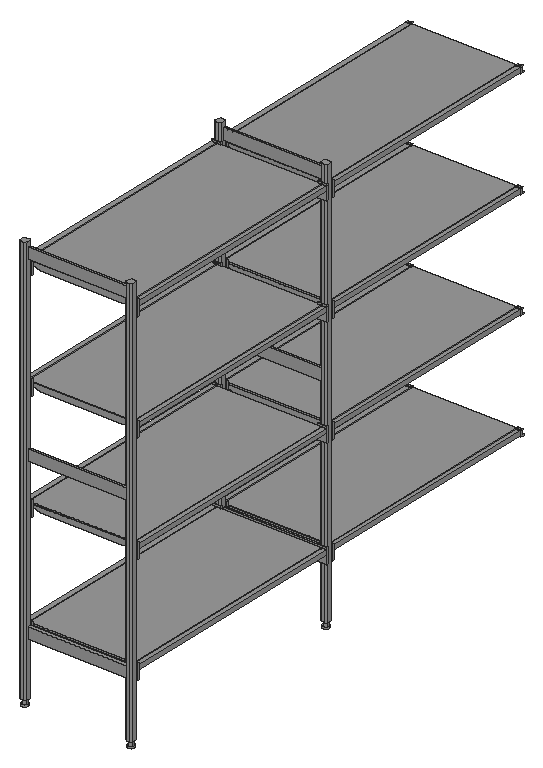
Revit family "QF_ZANUSSI_137084_CLS2016", category Attrezzature speciali, Revit 2020
Family settings
  Quota connettore circolare = Usa diametro
  Tipo di parte = Normale
  Basato su piano di lavoro = No
  Sempre verticale = Sì
  Taglio con vuoti quando caricato = No
  Condiviso = No
  Punto di calcolo locali = No
Parameters (values of type "Standard")
  Weight = 36.00 kg
  Watts = 0 W
  Volts = 0 V
  URL Manufacturer = "http://www.zanussiprofessional.com"
  URL = "http://www.zanussiprofessional.com"
  Steam Supply Size = 0 mm
  Steam Supply Minimum Pressure = 0.0 Pa
  Steam Supply Maximum Pressure = 0.0 Pa
  Steam Consumption per Hour = 0
  Refrigeration Suction Line Size = 0.0 mm
  Refrigeration Liquid Line Size = 0.0 mm
  Refrigerant Compressor Remote = yes
  Prospetto di default = 0.0 mm
  Phase = 0
  Modello = "CLS2016"
  Produttore = "Zanussi"
  Length Actual = 2020.0 mm  # constant formula
  Item Number = "137084"
  Hot Water Size = 0 mm
  Height Actual = 1700.0 mm  # constant formula
  HP = "0 HP"
  Gas Size = 0 mm
  Gas KW = 0
  Gas Input Pressure = 0 W
  Direct Waste Size = 0 mm
  Descrizione = "ALUM.CORNER SHELV.-POLY.TIERS-475X2020MM"
  Depth Actual = 475.0 mm  # constant formula
  Cycle = 0 Hz
  Condensate Return Size = 0 mm
  Compressed Air Volume = 0.0 L/s
  Compressed Air Size = 0 mm
  Compressed Air Pressure = 0.0 Pa
  Cold Water Size = 0 mm
  Accessory = yes
Reference planes
  plane 1: z = 0
  plane 2 "CenterLeft": y = -535.5
  plane 3 "FRONT": y = -921.5
  plane 4 "LEFT": x = 192.5
  plane 5 "RIGHT": x = 667.5
  plane 6 "TOP": z = 1700
  plane 7: y = -889.5
  plane 8: y = 84.5
  plane 9 "Center (Left/Back)": x = 430
  plane 10: x = 256
  plane 11: x = 668
  plane 12 "FEET": z = 25
  plane 13: z = 275
  plane 14: z = 725
  plane 15: z = 1175
  plane 16: z = 1625
  plane 17 "CXLeft": y = -907.5
  plane 18 "Center (Front/Back)": y = 102.5
  plane 19 "CYFront": x = 510
  plane 20: y = 1094.5
  plane 21: y = 120.5
  plane 22 "BACK": y = 1098.5
  plane 23 "LEFT_ORIGIN": x = 158.5
  plane 24 "BACK_ORIGIN": y = 1573.5
Forms (mm)
  Extrusion 1, solid, material "QF_Aluminum"
    sketch origin (38.022, -921.5, -4.006) x (-1, 0, 0) y (0, 0, 1)
      loop
        line (-189.5, 1637.003) -> (-173.5, 1637.003) -> (-173.5, 1655) -> (-175.493, 1655) -> (-175.493, 1648.501) -> (-608.5, 1648.501) -> (-608.5, 1655) -> (-610.5, 1655) -> (-610.5, 1637.003) -> (-594.5, 1637.003) -> (-560.5, 1625) -> (-223.5, 1625) -> (-189.5, 1637.003)
      loop
        line (-189.5, 1187.003) -> (-173.5, 1187.003) -> (-173.5, 1205) -> (-175.493, 1205) -> (-175.493, 1198.501) -> (-608.5, 1198.501) -> (-608.5, 1205) -> (-610.5, 1205) -> (-610.5, 1187.003) -> (-594.5, 1187.003) -> (-560.5, 1175) -> (-223.5, 1175) -> (-189.5, 1187.003)
      loop
        line (-189.5, 737.003) -> (-173.5, 737.003) -> (-173.5, 755) -> (-175.493, 755) -> (-175.493, 748.501) -> (-608.5, 748.501) -> (-608.5, 755) -> (-610.5, 755) -> (-610.5, 737.003) -> (-594.5, 737.003) -> (-560.5, 725) -> (-223.5, 725) -> (-189.5, 737.003)
      loop
        line (-189.5, 287.003) -> (-173.5, 287.003) -> (-173.5, 305) -> (-175.493, 305) -> (-175.493, 298.501) -> (-608.5, 298.501) -> (-608.5, 305) -> (-610.5, 305) -> (-610.5, 287.003) -> (-594.5, 287.003) -> (-560.5, 275) -> (-223.5, 275) -> (-189.5, 287.003)
    from 37 to 32
  Extrusion 2, solid, material "QF_Aluminum"
    sketch origin (38.022, -921.5, 0) x (-1, 0, 0) y (0, 0, 1)
      loop
        line (-154.478, 246.005) -> (-154.478, 307.993) -> (-190.471, 307.993) -> (-190.471, 246.005) -> (-154.478, 246.005)
      loop
        line (-593.484, 246.005) -> (-593.484, 307.993) -> (-629.478, 307.993) -> (-629.478, 246.005) -> (-593.484, 246.005)
      loop
        line (-154.478, 696.005) -> (-154.478, 757.993) -> (-190.471, 757.993) -> (-190.471, 696.005) -> (-154.478, 696.005)
      loop
        line (-593.484, 696.005) -> (-593.484, 757.993) -> (-629.478, 757.993) -> (-629.478, 696.005) -> (-593.484, 696.005)
      loop
        line (-154.478, 1146.005) -> (-154.478, 1207.993) -> (-190.471, 1207.993) -> (-190.471, 1146.005) -> (-154.478, 1146.005)
      loop
        line (-593.484, 1146.005) -> (-593.484, 1207.993) -> (-629.478, 1207.993) -> (-629.478, 1146.005) -> (-593.484, 1146.005)
      loop
        line (-154.478, 1596.005) -> (-154.478, 1657.993) -> (-190.471, 1657.993) -> (-190.471, 1596.005) -> (-154.478, 1596.005)
      loop
        line (-593.484, 1596.005) -> (-593.484, 1657.993) -> (-629.478, 1657.993) -> (-629.478, 1596.005) -> (-593.484, 1596.005)
    from 28 to 32
  Extrusion 3, solid, material "QF_Aluminum"
    sketch origin (38.022, -921.5, 0) x (-1, 0, 0) y (0, 0, 1)
      loop
        line (-154.5, 1650.994) -> (-173.5, 1650.994) -> (-173.5, 1632.998) -> (-154.5, 1632.998) -> (-154.5, 1650.994)
      loop
        line (-154.5, 1200.994) -> (-173.5, 1200.994) -> (-173.5, 1182.998) -> (-154.5, 1182.998) -> (-154.5, 1200.994)
      loop
        line (-154.5, 750.994) -> (-173.5, 750.994) -> (-173.5, 732.998) -> (-154.5, 732.998) -> (-154.5, 750.994)
      loop
        line (-154.5, 300.994) -> (-173.5, 300.994) -> (-173.5, 282.998) -> (-154.5, 282.998) -> (-154.5, 300.994)
      loop
        line (-629.455, 1650.994) -> (-629.455, 1632.998) -> (-610.455, 1632.998) -> (-610.455, 1650.994) -> (-629.455, 1650.994)
      loop
        line (-629.455, 1200.994) -> (-629.455, 1182.998) -> (-610.455, 1182.998) -> (-610.455, 1200.994) -> (-629.455, 1200.994)
      loop
        line (-629.455, 750.994) -> (-629.455, 732.998) -> (-610.455, 732.998) -> (-610.455, 750.994) -> (-629.455, 750.994)
      loop
        line (-629.455, 300.994) -> (-629.455, 282.998) -> (-610.455, 282.998) -> (-610.455, 300.994) -> (-629.455, 300.994)
    from 32 to 1006
  Extrusion 4, solid, material "QF_Polyethylene"
    sketch origin (38.022, -921.5, 0) x (-1, 0, 0) y (0, 0, 1)
      loop
        line (-175.493, 1650.994) -> (-608.5, 1650.994) -> (-608.5, 1644.496) -> (-175.493, 1644.496) -> (-175.493, 1650.994)
      loop
        line (-175.493, 1200.994) -> (-608.5, 1200.994) -> (-608.5, 1194.496) -> (-175.493, 1194.496) -> (-175.493, 1200.994)
      loop
        line (-175.493, 750.994) -> (-608.5, 750.994) -> (-608.5, 744.496) -> (-175.493, 744.496) -> (-175.493, 750.994)
      loop
        line (-175.493, 300.994) -> (-608.5, 300.994) -> (-608.5, 294.496) -> (-175.493, 294.496) -> (-175.493, 300.994)
    from 32 to 1006
  Extrusion 5, solid, material "QF_Aluminum"
    sketch origin (38.022, 684.5, 0) x (-1, 0, 0) y (0, 0, 1)
      loop
        line (-154.5, 1650.994) -> (-173.5, 1650.994) -> (-173.5, 1632.998) -> (-154.5, 1632.998) -> (-154.5, 1650.994)
      loop
        line (-610.455, 1650.994) -> (-629.455, 1650.994) -> (-629.455, 1632.998) -> (-610.455, 1632.998) -> (-610.455, 1650.994)
      loop
        line (-154.5, 1200.994) -> (-173.5, 1200.994) -> (-173.5, 1182.998) -> (-154.5, 1182.998) -> (-154.5, 1200.994)
      loop
        line (-610.455, 1200.994) -> (-629.455, 1200.994) -> (-629.455, 1182.998) -> (-610.455, 1182.998) -> (-610.455, 1200.994)
      loop
        line (-154.5, 750.994) -> (-173.5, 750.994) -> (-173.5, 732.998) -> (-154.5, 732.998) -> (-154.5, 750.994)
      loop
        line (-610.455, 750.994) -> (-629.455, 750.994) -> (-629.455, 732.998) -> (-610.455, 732.998) -> (-610.455, 750.994)
      loop
        line (-154.5, 300.994) -> (-173.5, 300.994) -> (-173.5, 282.998) -> (-154.5, 282.998) -> (-154.5, 300.994)
      loop
        line (-610.455, 300.994) -> (-629.455, 300.994) -> (-629.455, 282.998) -> (-610.455, 282.998) -> (-610.455, 300.994)
    from 410 to -564
  Extrusion 6, solid, material "QF_Polyethylene"
    sketch origin (38.022, 684.5, 0) x (-1, 0, 0) y (0, 0, 1)
      loop
        line (-175.493, 1650.994) -> (-608.5, 1650.994) -> (-608.5, 1644.496) -> (-175.493, 1644.496) -> (-175.493, 1650.994)
      loop
        line (-175.493, 1200.994) -> (-608.5, 1200.994) -> (-608.5, 1194.496) -> (-175.493, 1194.496) -> (-175.493, 1200.994)
      loop
        line (-175.493, 750.994) -> (-608.5, 750.994) -> (-608.5, 744.496) -> (-175.493, 744.496) -> (-175.493, 750.994)
      loop
        line (-175.493, 300.994) -> (-608.5, 300.994) -> (-608.5, 294.496) -> (-175.493, 294.496) -> (-175.493, 300.994)
    from 410 to -564
Lines and regions (mm)
  symbolic lines
    curve 1: line (256, -912.5, 1700) -> (668, -912.5, 1700)
    curve 2: line (668, -902.5, 1700) -> (256, -902.5, 1700)
    curve 3: line (192.5, -893.5, 1700) -> (192.5, 88.5, 1700)
    curve 4: line (667.5, -889.5, 1700) -> (667.5, 84.5, 1700)
    curve 5: line (192.5, 116.5, 1700) -> (192.5, 1098.5, 1700)
    curve 6: line (667.5, 116.5, 1700) -> (667.5, 1098.5, 1700)
    curve 7: line (648.478, 84.5, 1700) -> (648.478, -889.5, 1700)
    curve 8: line (211.522, -889.5, 1700) -> (211.522, 84.5, 1700)
    curve 9: line (211.522, 120.5, 1700) -> (211.522, 1094.5, 1700)
    curve 10: line (648.478, 1094.5, 1700) -> (648.478, 120.5, 1700)
Dimensions and locks
  plane 3 "FRONT" to plane 2 "CenterLeft" = 386.0 mm
  locked: plane 6 "TOP" to level at 1700
  locked: plane 7 to plane 8 at 974
  locked: plane 10 to plane 11 at 412
  plane 10 to plane 9 "Center (Left/Back)" to plane 11 = 174.0 mm, 238.0 mm
  equal spacing: plane 4 "LEFT", plane 9 "Center (Left/Back)", plane 5 "RIGHT"
  plane 12 "FEET" to level = 25.0 mm
  plane 6 "TOP" to plane 12 "FEET" = 1675.0 mm
  plane 13 to plane 12 "FEET" = 250.0 mm
  plane 14 to plane 13 = 450.0 mm
  plane 15 to plane 14 = 450.0 mm
  plane 16 to plane 15 = 450.0 mm
  locked: plane 21 to plane 20 at 974
  locked: plane 8 to plane 18 "Center (Front/Back)" at 18
  locked: plane 18 "Center (Front/Back)" to plane 21 at 18
  locked: plane 3 "FRONT" to plane 7 at 32
  locked: plane 4 "LEFT" to plane 5 "RIGHT" at 475
  locked: plane 23 "LEFT_ORIGIN" to plane 5 "RIGHT" at 509
  locked: plane 22 "BACK" to plane 24 "BACK_ORIGIN" at 475
  locked: plane 22 "BACK" to plane 3 "FRONT" at 2020
  aligned and locked: level to plane 1
  aligned and locked: Extrusion 1 to plane 7
  aligned and locked: plane 7 to Extrusion 2
  aligned and locked: Extrusion 4 to plane 7
  aligned and locked: plane 8 to Extrusion 4
  aligned and locked: Extrusion 3 to plane 7
  aligned and locked: plane 8 to Extrusion 3
  aligned and locked: Extrusion 1 sketch curve to Extrusion 1 sketch curve  (x3)
  aligned and locked: Extrusion 5 sketch curve to Extrusion 5 sketch curve  (x2)
  aligned and locked: Extrusion 5 to plane 21  (x5)
  aligned and locked: Extrusion 6 to plane 21  (x5)
  aligned and locked: nested 2 to plane 18 "Center (Front/Back)"
  aligned and locked: plane 17 "CXLeft" to nested 1
  aligned and locked: plane 7 to Extrusion 3  (x3)
  aligned and locked: Extrusion 3 to plane 8  (x4)
  aligned and locked: Extrusion 4 to plane 8  (x4)
  aligned and locked: plane 20 to Extrusion 5
  aligned and locked: plane 20 to Extrusion 6
  aligned and locked: Extrusion 5 to plane 20  (x3)
  aligned and locked: Extrusion 6 to plane 20  (x3)
  aligned and locked: plane 9 "Center (Left/Back)" to nested 2
  aligned and locked: nested 3 to plane 22 "BACK"
Automatic sketch dimensions
  Extrusion 1 sketch curve to plane 19 "CYFront" = 138.522 mm  (x4)
  plane 11 to Extrusion 1 sketch curve = 35.478 mm  (x4)
  Extrusion 1 sketch curve to plane 13 = 4.006 mm
  Extrusion 1 sketch curve to Extrusion 1 sketch curve = 34.0 mm  (x4)
  Extrusion 1 sketch curve to plane 14 = 4.006 mm
  Extrusion 1 sketch curve to plane 15 = 4.006 mm
  Extrusion 1 sketch curve to plane 16 = 4.006 mm
  Extrusion 1 sketch curve to plane 10 = 5.522 mm  (x4)
  plane 10 to Extrusion 1 sketch curve = 28.478 mm  (x4)
  plane 13 to Extrusion 1 sketch curve = 7.998 mm  (x2)
  Extrusion 1 sketch curve to Extrusion 1 sketch curve = 11.498 mm  (x4)
  Extrusion 1 sketch curve to Extrusion 1 sketch curve = 6.499 mm  (x8)
  plane 14 to Extrusion 1 sketch curve = 7.998 mm  (x2)
  plane 15 to Extrusion 1 sketch curve = 7.998 mm  (x2)
  plane 16 to Extrusion 1 sketch curve = 7.998 mm  (x2)
  plane 5 "RIGHT" to Extrusion 2 sketch curve = 35.993 mm  (x4)
  Extrusion 2 sketch curve to plane 4 "LEFT" = 0.0 mm  (x4)
  plane 11 to Extrusion 2 sketch curve = 0.5 mm  (x4)
  plane 10 to Extrusion 2 sketch curve = 27.507 mm  (x4)
  Extrusion 2 sketch curve to plane 13 = 28.995 mm  (x2)
  plane 13 to Extrusion 2 sketch curve = 32.993 mm  (x2)
  Extrusion 2 sketch curve to plane 14 = 28.995 mm  (x2)
  plane 14 to Extrusion 2 sketch curve = 32.993 mm  (x2)
  Extrusion 2 sketch curve to plane 15 = 28.995 mm  (x2)
  plane 15 to Extrusion 2 sketch curve = 32.993 mm  (x2)
  Extrusion 2 sketch curve to plane 16 = 28.995 mm  (x2)
  plane 16 to Extrusion 2 sketch curve = 32.993 mm  (x2)
  plane 13 to Extrusion 4 sketch curve = 19.496 mm
  Extrusion 4 sketch curve to Extrusion 4 sketch curve = 6.499 mm  (x4)
  plane 14 to Extrusion 4 sketch curve = 19.496 mm
  plane 15 to Extrusion 4 sketch curve = 19.496 mm
  plane 16 to Extrusion 4 sketch curve = 19.496 mm
  plane 5 "RIGHT" to Extrusion 5 sketch curve = 0.022 mm  (x4)
  Extrusion 5 sketch curve to plane 4 "LEFT" = 19.022 mm  (x4)
  Extrusion 5 sketch curve to plane 19 "CYFront" = 138.478 mm  (x2)
  plane 13 to Extrusion 5 sketch curve = 7.998 mm  (x2)
  Extrusion 5 sketch curve to Extrusion 5 sketch curve = 17.997 mm  (x8)
  plane 14 to Extrusion 5 sketch curve = 7.998 mm  (x2)
  plane 15 to Extrusion 5 sketch curve = 7.998 mm  (x2)
  plane 16 to Extrusion 5 sketch curve = 7.998 mm  (x2)
  Extrusion 6 sketch curve to plane 19 "CYFront" = 136.522 mm  (x4)
  plane 13 to Extrusion 6 sketch curve = 19.496 mm
  Extrusion 6 sketch curve to Extrusion 6 sketch curve = 6.499 mm  (x4)
  plane 14 to Extrusion 6 sketch curve = 19.496 mm
  plane 15 to Extrusion 6 sketch curve = 19.496 mm
  plane 16 to Extrusion 6 sketch curve = 19.496 mm
  plane 5 "RIGHT" to Extrusion 3 sketch curve = 0.022 mm  (x4)
  Extrusion 3 sketch curve to Extrusion 3 sketch curve = 19.0 mm  (x4)
  plane 14 to Extrusion 3 sketch curve = 7.998 mm  (x2)
  plane 10 to Extrusion 3 sketch curve = 44.478 mm  (x4)
  Extrusion 3 sketch curve to plane 4 "LEFT" = 0.022 mm  (x4)
  plane 13 to Extrusion 3 sketch curve = 25.994 mm  (x2)
  plane 13 to Extrusion 3 sketch curve = 7.998 mm  (x2)
  Extrusion 3 sketch curve to Extrusion 3 sketch curve = 17.997 mm  (x6)
  plane 15 to Extrusion 3 sketch curve = 7.998 mm  (x2)
  plane 16 to Extrusion 3 sketch curve = 7.998 mm  (x2)
  plane 10 to Extrusion 1 sketch curve = 42.484 mm  (x4)
  plane 10 to Extrusion 1 sketch curve = 44.478 mm  (x2)
  Extrusion 1 sketch curve to Extrusion 1 sketch curve = 1.993 mm  (x2)
  plane 10 to Extrusion 4 sketch curve = 42.484 mm  (x4)
  Extrusion 5 sketch curve to plane 4 "LEFT" = 0.022 mm  (x4)
  plane 10 to Extrusion 6 sketch curve = 42.484 mm  (x4)
  Extrusion 1 sketch curve to Extrusion 1 sketch curve = 2.0 mm
  plane 5 "RIGHT" to Extrusion 4 sketch curve = 20.978 mm  (x4)
  curve 1 to plane 11 = 0.0 mm
  curve 1 to plane 10 = 0.0 mm
  curve 2 to plane 10 = 0.0 mm
  curve 2 to plane 11 = 0.0 mm
  curve 3 to plane 4 "LEFT" = 0.0 mm
  curve 4 to plane 5 "RIGHT" = 0.0 mm
  plane 7 to curve 4 = 0.0 mm
  plane 7 to curve 8 = 0.0 mm
  plane 8 to curve 8 = 0.0 mm
  plane 8 to curve 7 = 0.0 mm
  plane 8 to curve 4 = 0.0 mm
  curve 5 to plane 4 "LEFT" = 0.0 mm
  curve 6 to plane 5 "RIGHT" = 0.0 mm
  plane 20 to curve 9 = 0.0 mm
  plane 22 "BACK" to curve 5 = 0.0 mm
  plane 22 "BACK" to curve 6 = 0.0 mm
  plane 7 to curve 3 = 4.0 mm
  plane 17 "CXLeft" to curve 2 = 5.0 mm
  curve 1 to plane 17 "CXLeft" = 5.0 mm
  curve 3 to plane 8 = 4.0 mm
  curve 6 to plane 21 = 4.0 mm
  curve 9 to plane 4 "LEFT" = 19.022 mm
  curve 8 to plane 4 "LEFT" = 19.022 mm
  curve 9 to plane 21 = 0.0 mm
  plane 21 to curve 10 = 0.0 mm
  curve 5 to plane 21 = 4.0 mm
  plane 7 to curve 7 = 0.0 mm
  curve 4 to curve 7 = 19.022 mm
  plane 20 to curve 10 = 0.0 mm
  plane 5 "RIGHT" to curve 10 = 19.022 mm
Nested families
  nested 1: "WT_Anta475" at (215.5, -504.5, 0) x (0, 1, 0) z (0, 0, 1), type "WT_Anta475"
  nested 2: "WT_Anta475Center" at (215.5, 505.5, 0) x (0, 1, 0) z (0, 0, 1), type "WT_Anta475Center"
  nested 3: "WT_Aggancio475" at (215.5, 1506.5, 0) x (0, 1, 0) z (0, 0, 1), type "WT_Aggancio475"
Definition of nested family "WT_Anta475"
  Parameters
    WidthLeft = A + 64.0 mm  # 772.0 mm
    Width = 1606.0 mm
    Right = WidthLeft / 2  # 386.0 mm
    Default Elevation = 0.0 mm
    Left = -WidthLeft / 2  # -386.0 mm
    Height = 1725.0 mm
    FEET = 25.0 mm
    E = 0.0 mm
    Dint = Depth - 63.0 mm  # 412.0 mm
    Dext = Depth - 8.0 mm  # 467.0 mm
    Depth = 475.0 mm
    DX = (WidthLeft - A) / 2  # 32.0 mm
    B = 798.0 mm
    A = 708.0 mm
  Reference planes
    plane 1: z = 0
    plane 2 "LEFT": x = -417
    plane 3 "BACK": y = 23
    plane 4 "FRONT": y = -452
    plane 5 "TOP": z = 1725
    plane 6 "Center (Front/Back)": y = -214.5
    plane 7: y = -8.5
    plane 8: y = -420.5
    plane 9 "FEET": z = 25
    plane 10: z = 275
    plane 11: z = 725
    plane 12: z = 1175
    plane 13: z = 1625
    plane 14 "CXLeft": x = -403
    plane 15: y = 5.5
    plane 16 "CYBack": y = 5.5
    plane 17 "CYFront": y = -434.5
    plane 18: x = -385.031
    plane 19: x = -380.031
  Forms (mm)
    Extrusion 1, solid
      sketch origin (0, 0, 0) x (1, 0, 0) y (0, 1, 0)
        loop
          line (-417, 13.246) -> (-417, -2.246) -> (-410.746, -8.5) -> (-395.254, -8.5) -> (-389, -2.246) -> (-389, 13.246) -> (-395.254, 19.5) -> (-410.746, 19.5) -> (-417, 13.246)
      from 1725 to 25
    Extrusion 2, solid
      sketch origin (-417, 0, 0) x (0, 1, 0) y (0, 0, 1)
        loop
          line (23, 246.005) -> (23, 307.993) -> (-12.993, 307.993) -> (-12.993, 246.005) -> (23, 246.005)
        loop
          line (-452, 246.005) -> (-416.007, 246.005) -> (-416.007, 307.993) -> (-452, 307.993) -> (-452, 246.005)
        loop
          line (23, 696.005) -> (23, 757.993) -> (-12.993, 757.993) -> (-12.993, 696.005) -> (23, 696.005)
        loop
          line (-452, 696.005) -> (-416.007, 696.005) -> (-416.007, 757.993) -> (-452, 757.993) -> (-452, 696.005)
        loop
          line (23, 1146.005) -> (23, 1207.993) -> (-12.993, 1207.993) -> (-12.993, 1146.005) -> (23, 1146.005)
        loop
          line (-452, 1146.005) -> (-416.007, 1146.005) -> (-416.007, 1207.993) -> (-452, 1207.993) -> (-452, 1146.005)
        loop
          line (23, 1596.005) -> (23, 1657.993) -> (-12.993, 1657.993) -> (-12.993, 1596.005) -> (23, 1596.005)
        loop
          line (-452, 1596.005) -> (-416.007, 1596.005) -> (-416.007, 1657.993) -> (-452, 1657.993) -> (-452, 1596.005)
      from 28 to 32
    Revolve 3, solid
      sketch origin (-403, 0, 0) x (0, 1, 0) y (0, 0, 1)
        loop
          line (5.5, 25) -> (5.5, 0) -> (19, 0) -> (19, 5) -> (14, 5) -> (14, 25) -> (5.5, 25)
        axis (5.5, 25) -> (5.5, 0)
      angle from 0 to 360
    Extrusion 4, solid
      sketch origin (-403, 0, 0) x (0, 1, 0) y (0, 0, 1)
        loop
          line (-8.5, 912.382) -> (-8.5, 957.374) -> (-420.5, 957.374) -> (-420.5, 912.382) -> (-8.5, 912.382)
        loop
          line (-8.5, 1662.244) -> (-8.5, 1707.236) -> (-420.5, 1707.236) -> (-420.5, 1662.244) -> (-8.5, 1662.244)
      from -5 to 5
    Revolve 5, solid
      sketch origin (-403, -627, 0) x (0, -1, 0) y (0, 0, 1)
        loop
          line (-192.5, 25) -> (-192.5, 0) -> (-179, 0) -> (-179, 5) -> (-184, 5) -> (-184, 25) -> (-192.5, 25)
        axis (-192.5, 25) -> (-192.5, 0)
      angle from 0 to 360
    Extrusion 6, solid
      sketch origin (0, -627, 0) x (1, 0, 0) y (0, 1, 0)
        loop
          line (-417, 184.754) -> (-410.746, 178.5) -> (-395.254, 178.5) -> (-389, 184.754) -> (-389, 200.246) -> (-395.254, 206.5) -> (-410.746, 206.5) -> (-417, 200.246) -> (-417, 184.754)
      from 1725 to 25
    Extrusion 7, solid
      sketch origin (-417.031, -0.022, 0) x (0, 1, 0) y (0, 0, -1)
        loop
          line (-12, -1632.998) -> (-46, -1620.994) -> (-383, -1620.994) -> (-417, -1632.998) -> (-433, -1632.998) -> (-433, -1650.994) -> (-431, -1650.994) -> (-431, -1644.496) -> (2.007, -1644.496) -> (2.007, -1650.994) -> (4, -1650.994) -> (4, -1632.998) -> (-12, -1632.998)
        loop
          line (-12, -1182.998) -> (-46, -1170.994) -> (-383, -1170.994) -> (-417, -1182.998) -> (-433, -1182.998) -> (-433, -1200.994) -> (-431, -1200.994) -> (-431, -1194.496) -> (2.007, -1194.496) -> (2.007, -1200.994) -> (4, -1200.994) -> (4, -1182.998) -> (-12, -1182.998)
        loop
          line (-12, -732.998) -> (-46, -720.994) -> (-383, -720.994) -> (-417, -732.998) -> (-433, -732.998) -> (-433, -750.994) -> (-431, -750.994) -> (-431, -744.496) -> (2.007, -744.496) -> (2.007, -750.994) -> (4, -750.994) -> (4, -732.998) -> (-12, -732.998)
        loop
          line (-12, -282.998) -> (-46, -270.994) -> (-383, -270.994) -> (-417, -282.998) -> (-433, -282.998) -> (-433, -300.994) -> (-431, -300.994) -> (-431, -294.496) -> (2.007, -294.496) -> (2.007, -300.994) -> (4, -300.994) -> (4, -282.998) -> (-12, -282.998)
      from -32 to -37
    Extrusion 8, solid
      sketch origin (-403, 0, -659.878) x (0, 1, 0) y (0, 0, 1)
        loop
          line (-8.5, 912.382) -> (-8.5, 957.374) -> (-420.5, 957.374) -> (-420.5, 912.382) -> (-8.5, 912.382)
        loop
          line (-8.5, 1572.382) -> (-8.5, 1617.374) -> (-420.5, 1617.374) -> (-420.5, 1572.382) -> (-8.5, 1572.382)
        loop
          line (-8.5, 2322.382) -> (-8.5, 2367.374) -> (-420.5, 2367.374) -> (-420.5, 2322.382) -> (-8.5, 2322.382)
      from -5 to 5
  Lines and regions (mm)
    symbolic lines
      curve 1: line (-408, -8.5, 1725) -> (-408, -420.5, 1725)
      curve 2: line (-398, -420.5, 1725) -> (-398, -8.5, 1725)
      curve 3: line (-395.254, -8.5, 1725) -> (-410.746, -8.5, 1725)
      curve 4: line (-417, -2.246, 1725) -> (-410.746, -8.5, 1725)
      curve 5: line (-417, 13.246, 1725) -> (-417, -2.246, 1725)
      curve 6: line (-410.746, 19.5, 1725) -> (-417, 13.246, 1725)
      curve 7: line (-395.254, 19.5, 1725) -> (-410.746, 19.5, 1725)
      curve 8: line (-389, 13.246, 1725) -> (-395.254, 19.5, 1725)
      curve 9: line (-395.254, -8.5, 1725) -> (-389, -2.246, 1725)
      curve 10: line (-395.254, -420.5, 1725) -> (-410.746, -420.5, 1725)
      curve 11: line (-417, -426.754, 1725) -> (-410.746, -420.5, 1725)
      curve 12: line (-410.746, -448.5, 1725) -> (-417, -442.246, 1725)
      curve 13: line (-395.254, -448.5, 1725) -> (-410.746, -448.5, 1725)
      curve 14: line (-389, -442.246, 1725) -> (-395.254, -448.5, 1725)
      curve 15: line (-395.254, -420.5, 1725) -> (-389, -426.754, 1725)
      curve 16: line (-389, -452, 1725) -> (-389, -416.007, 1725)
      curve 17: line (-389, -416.007, 1725) -> (-385, -416.007, 1725)
      curve 18: line (-389, 23, 1725) -> (-389, -12.993, 1725)
      curve 19: line (-389, -12.993, 1725) -> (-385, -12.993, 1725)
      curve 20: line (-417, -426.754, 1725) -> (-417, -442.246, 1725)
      curve 21: line (-385, -452, 1725) -> (-385, -416.007, 1725)
      curve 22: line (-385, -452, 1725) -> (-389, -452, 1725)
      curve 23: line (-385, 23, 1725) -> (-389, 23, 1725)
      curve 24: line (-385, -12.993, 1725) -> (-385, 23, 1725)
      curve 25: line (-385.031, -13.016, 1725) -> (-385.031, -416.029, 1725)
  Dimensions and locks
    "Height": plane 5 "TOP" to level
    "Depth": plane 3 "BACK" to plane 4 "FRONT"
    "Dint": plane 7 to plane 8
    equal spacing: plane 7, plane 6 "Center (Front/Back)", plane 8
    equal spacing: plane 3 "BACK", plane 6 "Center (Front/Back)", plane 4 "FRONT"
    plane 9 "FEET" to level = 25.0 mm
    plane 5 "TOP" to plane 9 "FEET" = 1700.0 mm
    plane 10 to plane 9 "FEET" = 250.0 mm
    plane 11 to plane 10 = 450.0 mm
    plane 12 to plane 11 = 450.0 mm
    plane 13 to plane 12 = 450.0 mm
    locked: plane 2 "LEFT" to plane 14 "CXLeft" at 14
    locked: plane 3 "BACK" to plane 16 "CYBack" at 17.5
    locked: plane 17 "CYFront" to plane 4 "FRONT" at 17.5
    locked: Revolve 3 sketch curve to Revolve 3 sketch curve at 8.5
    locked: Revolve 3 sketch curve to plane 16 "CYBack" at 13.5
    locked: Revolve 5 sketch curve to Revolve 5 sketch curve at 8.5
    aligned and locked: level to plane 1
    aligned and locked: curve 20 to Extrusion 6
    aligned and locked: plane 5 "TOP" to Extrusion 1
    aligned and locked: plane 5 "TOP" to Extrusion 6
    aligned and locked: Extrusion 7 sketch curve to Extrusion 7 sketch curve  (x3)
  Automatic sketch dimensions
    curve 16 to plane 4 "FRONT" = 0.0 mm
    curve 11 to plane 8 = 0.0 mm
    curve 9 to plane 7 = 0.0 mm
    curve 5 to plane 2 "LEFT" = 0.0 mm
    curve 23 to plane 3 "BACK" = 0.0 mm
    plane 4 "FRONT" to curve 13 = 3.5 mm
    curve 20 to plane 17 "CYFront" = 7.746 mm
    curve 20 to plane 8 = 6.254 mm
    plane 8 to curve 16 = 4.493 mm
    curve 24 to plane 18 = 0.031 mm
    curve 24 to plane 7 = 4.493 mm
    plane 7 to curve 5 = 6.254 mm
    curve 5 to plane 15 = 7.746 mm
    curve 6 to plane 3 "BACK" = 3.5 mm
    curve 21 to plane 18 = 0.031 mm
    plane 18 to curve 23 = 3.969 mm
    plane 18 to curve 16 = 3.969 mm
    curve 18 to curve 8 = 6.254 mm
    curve 18 to curve 3 = 6.254 mm
    curve 16 to curve 13 = 6.254 mm
    curve 16 to curve 15 = 6.254 mm
    plane 2 "LEFT" to curve 10 = 6.254 mm
    plane 2 "LEFT" to curve 7 = 6.254 mm
    plane 2 "LEFT" to curve 12 = 6.254 mm
    plane 2 "LEFT" to curve 3 = 6.254 mm
    curve 14 to plane 17 "CYFront" = 7.746 mm
    curve 15 to plane 8 = 6.254 mm
    plane 7 to curve 9 = 6.254 mm
    curve 8 to plane 15 = 7.746 mm
    curve 3 to curve 2 = 2.746 mm
    curve 1 to curve 10 = 2.746 mm
    Extrusion 1 sketch curve to plane 2 "LEFT" = 0.0 mm
    Extrusion 1 sketch curve to plane 7 = 0.0 mm
    plane 2 "LEFT" to Extrusion 1 sketch curve = 6.254 mm  (x2)
    plane 14 "CXLeft" to Extrusion 1 sketch curve = 7.746 mm  (x2)
    Extrusion 1 sketch curve to plane 3 "BACK" = 3.5 mm
    plane 18 to Extrusion 1 sketch curve = 3.969 mm
    plane 7 to Extrusion 1 sketch curve = 6.254 mm  (x2)
    Extrusion 1 sketch curve to plane 15 = 7.746 mm  (x2)
    Extrusion 2 sketch curve to plane 4 "FRONT" = 0.0 mm  (x4)
    Extrusion 2 sketch curve to plane 3 "BACK" = 0.0 mm  (x4)
    plane 8 to Extrusion 2 sketch curve = 4.493 mm  (x4)
    Extrusion 2 sketch curve to plane 7 = 4.493 mm  (x4)
    Extrusion 2 sketch curve to plane 10 = 28.995 mm  (x2)
    plane 10 to Extrusion 2 sketch curve = 32.993 mm  (x2)
    Extrusion 2 sketch curve to plane 11 = 28.995 mm  (x2)
    plane 11 to Extrusion 2 sketch curve = 32.993 mm  (x2)
    Extrusion 2 sketch curve to plane 12 = 28.995 mm  (x2)
    plane 12 to Extrusion 2 sketch curve = 32.993 mm  (x2)
    Extrusion 2 sketch curve to plane 13 = 28.995 mm  (x2)
    plane 13 to Extrusion 2 sketch curve = 32.993 mm  (x2)
    Revolve 3 sketch curve to plane 9 "FEET" = 0.0 mm  (x2)
    Revolve 3 sketch curve to plane 15 = 0.0 mm  (x2)
    Revolve 3 sketch curve to level = 0.0 mm
    level to Revolve 3 sketch curve = 5.0 mm
    Revolve 3 sketch curve to Revolve 3 sketch curve = 11.655 mm
    Extrusion 4 sketch curve to plane 8 = 0.0 mm  (x2)
    Extrusion 4 sketch curve to plane 7 = 0.0 mm  (x2)
    plane 11 to Extrusion 4 sketch curve = 187.382 mm
    Extrusion 4 sketch curve to Extrusion 4 sketch curve = 44.992 mm
    plane 13 to Extrusion 4 sketch curve = 37.244 mm
    Extrusion 4 sketch curve to plane 5 "TOP" = 17.764 mm
    Revolve 5 sketch curve to plane 9 "FEET" = 0.0 mm  (x2)
    Revolve 5 sketch curve to plane 17 "CYFront" = 0.0 mm  (x2)
    Revolve 5 sketch curve to level = 0.0 mm
    Revolve 5 sketch curve to plane 4 "FRONT" = 4.0 mm
    Revolve 5 sketch curve to Revolve 5 sketch curve = 5.0 mm
    level to Revolve 5 sketch curve = 11.655 mm
    Extrusion 6 sketch curve to plane 2 "LEFT" = 0.0 mm
    Extrusion 6 sketch curve to plane 8 = 0.0 mm
    Extrusion 6 sketch curve to plane 2 "LEFT" = 6.254 mm  (x2)
    Extrusion 6 sketch curve to plane 14 "CXLeft" = 7.746 mm  (x2)
    Extrusion 6 sketch curve to plane 4 "FRONT" = 3.5 mm
    Extrusion 6 sketch curve to plane 18 = 3.969 mm
    plane 8 to Extrusion 6 sketch curve = 6.254 mm  (x2)
    plane 17 "CYFront" to Extrusion 6 sketch curve = 7.746 mm  (x2)
    plane 17 "CYFront" to Extrusion 7 sketch curve = 1.478 mm  (x4)
    Extrusion 7 sketch curve to Extrusion 7 sketch curve = 2.0 mm
    plane 8 to Extrusion 7 sketch curve = 3.478 mm  (x4)
    Extrusion 7 sketch curve to plane 10 = 4.006 mm
    Extrusion 7 sketch curve to Extrusion 7 sketch curve = 34.0 mm  (x4)
    Extrusion 7 sketch curve to plane 11 = 4.006 mm
    Extrusion 7 sketch curve to plane 12 = 4.006 mm
    Extrusion 7 sketch curve to plane 13 = 4.006 mm
    Extrusion 7 sketch curve to plane 7 = 37.522 mm  (x4)
    Extrusion 7 sketch curve to plane 7 = 3.522 mm  (x4)
    plane 15 to Extrusion 7 sketch curve = 3.516 mm  (x4)
    plane 15 to Extrusion 7 sketch curve = 1.522 mm  (x4)
    plane 13 to Extrusion 7 sketch curve = 7.998 mm  (x2)
    Extrusion 7 sketch curve to Extrusion 7 sketch curve = 11.498 mm
    Extrusion 7 sketch curve to Extrusion 7 sketch curve = 6.499 mm  (x5)
    plane 12 to Extrusion 7 sketch curve = 25.994 mm  (x2)
    plane 12 to Extrusion 7 sketch curve = 7.998 mm  (x2)
    plane 11 to Extrusion 7 sketch curve = 25.994 mm  (x2)
    plane 11 to Extrusion 7 sketch curve = 7.998 mm  (x2)
    plane 10 to Extrusion 7 sketch curve = 25.994 mm  (x2)
    plane 10 to Extrusion 7 sketch curve = 7.998 mm  (x2)
    curve 25 to plane 18 = 0.0 mm
    plane 8 to curve 25 = 4.471 mm
    curve 25 to plane 7 = 4.516 mm
    Extrusion 8 sketch curve to plane 8 = 0.0 mm  (x3)
    Extrusion 8 sketch curve to plane 7 = 0.0 mm  (x3)
    Extrusion 8 sketch curve to plane 10 = 22.496 mm
    plane 10 to Extrusion 8 sketch curve = 22.496 mm
    plane 11 to Extrusion 8 sketch curve = 187.504 mm
    Extrusion 8 sketch curve to Extrusion 8 sketch curve = 44.992 mm
    plane 13 to Extrusion 8 sketch curve = 37.504 mm
    Extrusion 8 sketch curve to plane 5 "TOP" = 17.504 mm
Definition of nested family "WT_Anta475Center"
  Parameters
    WidthLeft = A + 64.0 mm  # 772.0 mm
    Width = 1606.0 mm
    Right = WidthLeft / 2  # 386.0 mm
    Default Elevation = 0.0 mm
    Left = -WidthLeft / 2  # -386.0 mm
    Height = 1725.0 mm
    FEET = 25.0 mm
    E = 0.0 mm
    Dint = Depth - 63.0 mm  # 412.0 mm
    Dext = Depth - 8.0 mm  # 467.0 mm
    Depth = 475.0 mm
    DX = (WidthLeft - A) / 2  # 32.0 mm
    B = 798.0 mm
    A = 708.0 mm
  Reference planes
    plane 1: z = 0
    plane 2 "L": x = -417
    plane 3 "BACK": y = 23
    plane 4 "FRONT": y = -452
    plane 5 "TOP": z = 1725
    plane 6 "Center (Front/Back)": y = -214.5
    plane 7: y = -8.5
    plane 8: y = -420.5
    plane 9 "FEET": z = 25
    plane 10: z = 275
    plane 11: z = 725
    plane 12: z = 1175
    plane 13: z = 1625
    plane 14 "CXLeft": x = -403
    plane 15: y = 5.5
    plane 16 "CYBack": y = 5.5
    plane 17 "CYFront": y = -434.5
    plane 18: x = -385.031
    plane 19 "RIGHT": x = -380.031
    plane 20: x = -420.969
    plane 21 "LEFT": x = -425.969
  Forms (mm)
    Extrusion 1, solid
      sketch origin (0, 0, 0) x (1, 0, 0) y (0, 1, 0)
        loop
          line (-417, 13.246) -> (-417, -2.246) -> (-410.746, -8.5) -> (-395.254, -8.5) -> (-389, -2.246) -> (-389, 13.246) -> (-395.254, 19.5) -> (-410.746, 19.5) -> (-417, 13.246)
      from 1725 to 25
    Extrusion 2, solid
      sketch origin (-417, 0, 0) x (0, 1, 0) y (0, 0, 1)
        loop
          line (23, 246.005) -> (23, 307.993) -> (-12.993, 307.993) -> (-12.993, 246.005) -> (23, 246.005)
        loop
          line (-452, 246.005) -> (-416.007, 246.005) -> (-416.007, 307.993) -> (-452, 307.993) -> (-452, 246.005)
        loop
          line (23, 696.005) -> (23, 757.993) -> (-12.993, 757.993) -> (-12.993, 696.005) -> (23, 696.005)
        loop
          line (-452, 696.005) -> (-416.007, 696.005) -> (-416.007, 757.993) -> (-452, 757.993) -> (-452, 696.005)
        loop
          line (23, 1146.005) -> (23, 1207.993) -> (-12.993, 1207.993) -> (-12.993, 1146.005) -> (23, 1146.005)
        loop
          line (-452, 1146.005) -> (-416.007, 1146.005) -> (-416.007, 1207.993) -> (-452, 1207.993) -> (-452, 1146.005)
        loop
          line (23, 1596.005) -> (23, 1657.993) -> (-12.993, 1657.993) -> (-12.993, 1596.005) -> (23, 1596.005)
        loop
          line (-452, 1596.005) -> (-416.007, 1596.005) -> (-416.007, 1657.993) -> (-452, 1657.993) -> (-452, 1596.005)
      from 28 to 32
    Revolve 3, solid
      sketch origin (-403, 0, 0) x (0, 1, 0) y (0, 0, 1)
        loop
          line (5.5, 25) -> (5.5, 0) -> (19, 0) -> (19, 5) -> (14, 5) -> (14, 25) -> (5.5, 25)
        axis (5.5, 25) -> (5.5, 0)
      angle from 0 to 360
    Extrusion 4, solid
      sketch origin (-403, 0, 0) x (0, 1, 0) y (0, 0, 1)
        loop
          line (-8.5, 912.382) -> (-8.5, 957.374) -> (-420.5, 957.374) -> (-420.5, 912.382) -> (-8.5, 912.382)
        loop
          line (-8.5, 1662.244) -> (-8.5, 1707.236) -> (-420.5, 1707.236) -> (-420.5, 1662.244) -> (-8.5, 1662.244)
      from -5 to 5
    Revolve 5, solid
      sketch origin (-403, -627, 0) x (0, -1, 0) y (0, 0, 1)
        loop
          line (-192.5, 25) -> (-192.5, 0) -> (-179, 0) -> (-179, 5) -> (-184, 5) -> (-184, 25) -> (-192.5, 25)
        axis (-192.5, 25) -> (-192.5, 0)
      angle from 0 to 360
    Extrusion 6, solid
      sketch origin (0, -627, 0) x (1, 0, 0) y (0, 1, 0)
        loop
          line (-417, 184.754) -> (-410.746, 178.5) -> (-395.254, 178.5) -> (-389, 184.754) -> (-389, 200.246) -> (-395.254, 206.5) -> (-410.746, 206.5) -> (-417, 200.246) -> (-417, 184.754)
      from 1725 to 25
    Extrusion 7, solid
      sketch origin (-417.031, -0.022, 0) x (0, 1, 0) y (0, 0, -1)
        loop
          line (-12, -1632.998) -> (-46, -1620.994) -> (-383, -1620.994) -> (-417, -1632.998) -> (-433, -1632.998) -> (-433, -1650.994) -> (-431, -1650.994) -> (-431, -1644.496) -> (2.007, -1644.496) -> (2.007, -1650.994) -> (4, -1650.994) -> (4, -1632.998) -> (-12, -1632.998)
        loop
          line (-12, -1182.998) -> (-46, -1170.994) -> (-383, -1170.994) -> (-417, -1182.998) -> (-433, -1182.998) -> (-433, -1200.994) -> (-431, -1200.994) -> (-431, -1194.496) -> (2.007, -1194.496) -> (2.007, -1200.994) -> (4, -1200.994) -> (4, -1182.998) -> (-12, -1182.998)
        loop
          line (-12, -732.998) -> (-46, -720.994) -> (-383, -720.994) -> (-417, -732.998) -> (-433, -732.998) -> (-433, -750.994) -> (-431, -750.994) -> (-431, -744.496) -> (2.007, -744.496) -> (2.007, -750.994) -> (4, -750.994) -> (4, -732.998) -> (-12, -732.998)
        loop
          line (-12, -282.998) -> (-46, -270.994) -> (-383, -270.994) -> (-417, -282.998) -> (-433, -282.998) -> (-433, -300.994) -> (-431, -300.994) -> (-431, -294.496) -> (2.007, -294.496) -> (2.007, -300.994) -> (4, -300.994) -> (4, -282.998) -> (-12, -282.998)
      from -32 to -37
    Extrusion 8, solid
      sketch origin (-403, 0, -659.878) x (0, 1, 0) y (0, 0, 1)
        loop
          line (-8.5, 912.382) -> (-8.5, 957.374) -> (-420.5, 957.374) -> (-420.5, 912.382) -> (-8.5, 912.382)
        loop
          line (-8.5, 1572.382) -> (-8.5, 1617.374) -> (-420.5, 1617.374) -> (-420.5, 1572.382) -> (-8.5, 1572.382)
        loop
          line (-8.5, 2322.382) -> (-8.5, 2367.374) -> (-420.5, 2367.374) -> (-420.5, 2322.382) -> (-8.5, 2322.382)
      from -5 to 5
    Extrusion 9, solid
      sketch origin (-389, 0, 0) x (0, 1, 0) y (0, 0, -1)
        loop
          line (23, -246.005) -> (-12.993, -246.005) -> (-12.993, -307.993) -> (23, -307.993) -> (23, -246.005)
        loop
          line (-452, -246.005) -> (-452, -307.993) -> (-416.007, -307.993) -> (-416.007, -246.005) -> (-452, -246.005)
        loop
          line (23, -696.005) -> (-12.993, -696.005) -> (-12.993, -757.993) -> (23, -757.993) -> (23, -696.005)
        loop
          line (-452, -696.005) -> (-452, -757.993) -> (-416.007, -757.993) -> (-416.007, -696.005) -> (-452, -696.005)
        loop
          line (23, -1146.005) -> (-12.993, -1146.005) -> (-12.993, -1207.993) -> (23, -1207.993) -> (23, -1146.005)
        loop
          line (-452, -1146.005) -> (-452, -1207.993) -> (-416.007, -1207.993) -> (-416.007, -1146.005) -> (-452, -1146.005)
        loop
          line (23, -1596.005) -> (-12.993, -1596.005) -> (-12.993, -1657.993) -> (23, -1657.993) -> (23, -1596.005)
        loop
          line (-452, -1596.005) -> (-452, -1657.993) -> (-416.007, -1657.993) -> (-416.007, -1596.005) -> (-452, -1596.005)
      from 28 to 32
    Extrusion 10, solid
      sketch origin (-388.969, -0.022, 0) x (0, 1, 0) y (0, 0, 1)
        loop
          line (-12, 1632.998) -> (4, 1632.998) -> (4, 1650.994) -> (2.007, 1650.994) -> (2.007, 1644.496) -> (-431, 1644.496) -> (-431, 1650.994) -> (-433, 1650.994) -> (-433, 1632.998) -> (-417, 1632.998) -> (-383, 1620.994) -> (-46, 1620.994) -> (-12, 1632.998)
        loop
          line (-12, 1182.998) -> (4, 1182.998) -> (4, 1200.994) -> (2.007, 1200.994) -> (2.007, 1194.496) -> (-431, 1194.496) -> (-431, 1200.994) -> (-433, 1200.994) -> (-433, 1182.998) -> (-417, 1182.998) -> (-383, 1170.994) -> (-46, 1170.994) -> (-12, 1182.998)
        loop
          line (-12, 732.998) -> (4, 732.998) -> (4, 750.994) -> (2.007, 750.994) -> (2.007, 744.496) -> (-431, 744.496) -> (-431, 750.994) -> (-433, 750.994) -> (-433, 732.998) -> (-417, 732.998) -> (-383, 720.994) -> (-46, 720.994) -> (-12, 732.998)
        loop
          line (-12, 282.998) -> (4, 282.998) -> (4, 300.994) -> (2.007, 300.994) -> (2.007, 294.496) -> (-431, 294.496) -> (-431, 300.994) -> (-433, 300.994) -> (-433, 282.998) -> (-417, 282.998) -> (-383, 270.994) -> (-46, 270.994) -> (-12, 282.998)
      from -32 to -37
  Lines and regions (mm)
    symbolic lines
      curve 1: line (-408, -8.5, 1725) -> (-408, -420.5, 1725)
      curve 2: line (-398, -420.5, 1725) -> (-398, -8.5, 1725)
      curve 3: line (-395.254, -8.5, 1725) -> (-410.746, -8.5, 1725)
      curve 4: line (-417, -2.246, 1725) -> (-410.746, -8.5, 1725)
      curve 5: line (-410.746, 19.5, 1725) -> (-417, 13.246, 1725)
      curve 6: line (-395.254, 19.5, 1725) -> (-410.746, 19.5, 1725)
      curve 7: line (-389, 13.246, 1725) -> (-395.254, 19.5, 1725)
      curve 8: line (-395.254, -8.5, 1725) -> (-389, -2.246, 1725)
      curve 9: line (-395.254, -420.5, 1725) -> (-410.746, -420.5, 1725)
      curve 10: line (-417, -426.754, 1725) -> (-410.746, -420.5, 1725)
      curve 11: line (-410.746, -448.5, 1725) -> (-417, -442.246, 1725)
      curve 12: line (-395.254, -448.5, 1725) -> (-410.746, -448.5, 1725)
      curve 13: line (-389, -442.246, 1725) -> (-395.254, -448.5, 1725)
      curve 14: line (-395.254, -420.5, 1725) -> (-389, -426.754, 1725)
      curve 15: line (-389, -452, 1725) -> (-389, -416.007, 1725)
      curve 16: line (-389, -416.007, 1725) -> (-385, -416.007, 1725)
      curve 17: line (-389, 23, 1725) -> (-389, -12.993, 1725)
      curve 18: line (-389, -12.993, 1725) -> (-385, -12.993, 1725)
      curve 19: line (-385, -452, 1725) -> (-385, -416.007, 1725)
      curve 20: line (-385, -452, 1725) -> (-389, -452, 1725)
      curve 21: line (-385, 23, 1725) -> (-389, 23, 1725)
      curve 22: line (-385, -12.993, 1725) -> (-385, 23, 1725)
      curve 23: line (-385.031, -13.016, 1725) -> (-385.031, -416.029, 1725)
      curve 24: line (-417, -452, 1725) -> (-417, -416.007, 1725)
      curve 25: line (-417, -416.007, 1725) -> (-421, -416.007, 1725)
      curve 26: line (-417, 23, 1725) -> (-417, -12.993, 1725)
      curve 27: line (-417, -12.993, 1725) -> (-421, -12.993, 1725)
      curve 28: line (-421, -452, 1725) -> (-421, -416.007, 1725)
      curve 29: line (-421, -452, 1725) -> (-417, -452, 1725)
      curve 30: line (-421, 23, 1725) -> (-417, 23, 1725)
      curve 31: line (-421, -12.993, 1725) -> (-421, 23, 1725)
      curve 32: line (-420.969, -13.016, 1725) -> (-420.969, -416.029, 1725)
  Dimensions and locks
    "Height": plane 5 "TOP" to level
    "Depth": plane 3 "BACK" to plane 4 "FRONT"
    "Dint": plane 7 to plane 8
    equal spacing: plane 7, plane 6 "Center (Front/Back)", plane 8
    equal spacing: plane 3 "BACK", plane 6 "Center (Front/Back)", plane 4 "FRONT"
    plane 9 "FEET" to level = 25.0 mm
    plane 5 "TOP" to plane 9 "FEET" = 1700.0 mm
    plane 10 to plane 9 "FEET" = 250.0 mm
    plane 11 to plane 10 = 450.0 mm
    plane 12 to plane 11 = 450.0 mm
    plane 13 to plane 12 = 450.0 mm
    locked: plane 3 "BACK" to plane 16 "CYBack" at 17.5
    locked: plane 17 "CYFront" to plane 4 "FRONT" at 17.5
    locked: Revolve 3 sketch curve to Revolve 3 sketch curve at 8.5
    locked: Revolve 3 sketch curve to plane 16 "CYBack" at 13.5
    locked: Revolve 5 sketch curve to Revolve 5 sketch curve at 8.5
    aligned and locked: level to plane 1
    aligned and locked: plane 5 "TOP" to Extrusion 1
    aligned and locked: plane 5 "TOP" to Extrusion 6
    aligned and locked: Extrusion 7 sketch curve to Extrusion 7 sketch curve  (x3)
    aligned and locked: Extrusion 10 sketch curve to Extrusion 10 sketch curve  (x3)
  Automatic sketch dimensions
    curve 15 to plane 4 "FRONT" = 0.0 mm
    curve 28 to plane 4 "FRONT" = 0.0 mm
    curve 9 to plane 8 = 0.0 mm
    curve 25 to plane 2 "L" = 0.0 mm
    curve 8 to plane 7 = 0.0 mm
    curve 17 to plane 3 "BACK" = 0.0 mm
    curve 30 to plane 3 "BACK" = 0.0 mm
    plane 4 "FRONT" to curve 11 = 3.5 mm
    curve 19 to plane 18 = 0.031 mm
    plane 8 to curve 19 = 4.493 mm
    plane 8 to curve 25 = 4.493 mm
    curve 27 to plane 20 = 0.031 mm
    curve 27 to plane 7 = 4.493 mm
    curve 17 to plane 7 = 4.493 mm
    curve 5 to plane 15 = 7.746 mm
    curve 7 to plane 3 "BACK" = 3.5 mm
    curve 18 to plane 18 = 0.031 mm
    plane 18 to curve 21 = 3.969 mm
    plane 18 to curve 20 = 3.969 mm
    curve 15 to curve 9 = 6.254 mm
    curve 17 to curve 7 = 6.254 mm
    curve 17 to curve 3 = 6.254 mm
    curve 15 to curve 12 = 6.254 mm
    plane 2 "L" to curve 12 = 6.254 mm
    plane 2 "L" to curve 4 = 6.254 mm
    plane 2 "L" to curve 10 = 6.254 mm
    plane 2 "L" to curve 5 = 6.254 mm
    curve 28 to plane 20 = 0.031 mm
    curve 13 to plane 17 "CYFront" = 7.746 mm
    curve 14 to plane 8 = 6.254 mm
    plane 7 to curve 8 = 6.254 mm
    curve 7 to plane 15 = 7.746 mm
    curve 9 to curve 2 = 2.746 mm
    curve 1 to curve 9 = 2.746 mm
    Extrusion 1 sketch curve to plane 2 "L" = 0.0 mm
    Extrusion 1 sketch curve to plane 7 = 0.0 mm
    plane 2 "L" to Extrusion 1 sketch curve = 6.254 mm  (x2)
    plane 14 "CXLeft" to Extrusion 1 sketch curve = 7.746 mm  (x2)
    Extrusion 1 sketch curve to plane 3 "BACK" = 3.5 mm
    plane 18 to Extrusion 1 sketch curve = 3.969 mm
    plane 7 to Extrusion 1 sketch curve = 6.254 mm  (x2)
    Extrusion 1 sketch curve to plane 15 = 7.746 mm  (x2)
    Extrusion 2 sketch curve to plane 4 "FRONT" = 0.0 mm  (x4)
    Extrusion 2 sketch curve to plane 3 "BACK" = 0.0 mm  (x4)
    plane 8 to Extrusion 2 sketch curve = 4.493 mm  (x4)
    Extrusion 2 sketch curve to plane 7 = 4.493 mm  (x4)
    Extrusion 2 sketch curve to plane 10 = 28.995 mm  (x2)
    plane 10 to Extrusion 2 sketch curve = 32.993 mm  (x2)
    Extrusion 2 sketch curve to plane 11 = 28.995 mm  (x2)
    plane 11 to Extrusion 2 sketch curve = 32.993 mm  (x2)
    Extrusion 2 sketch curve to plane 12 = 28.995 mm  (x2)
    plane 12 to Extrusion 2 sketch curve = 32.993 mm  (x2)
    Extrusion 2 sketch curve to plane 13 = 28.995 mm  (x2)
    plane 13 to Extrusion 2 sketch curve = 32.993 mm  (x2)
    Revolve 3 sketch curve to plane 9 "FEET" = 0.0 mm  (x2)
    Revolve 3 sketch curve to plane 15 = 0.0 mm  (x2)
    Revolve 3 sketch curve to level = 0.0 mm
    level to Revolve 3 sketch curve = 5.0 mm
    Revolve 3 sketch curve to Revolve 3 sketch curve = 11.655 mm
    Extrusion 4 sketch curve to plane 8 = 0.0 mm  (x2)
    Extrusion 4 sketch curve to plane 7 = 0.0 mm  (x2)
    plane 11 to Extrusion 4 sketch curve = 187.382 mm
    Extrusion 4 sketch curve to Extrusion 4 sketch curve = 44.992 mm
    plane 13 to Extrusion 4 sketch curve = 37.244 mm
    Extrusion 4 sketch curve to plane 5 "TOP" = 17.764 mm
    Revolve 5 sketch curve to plane 9 "FEET" = 0.0 mm  (x2)
    Revolve 5 sketch curve to plane 17 "CYFront" = 0.0 mm  (x2)
    Revolve 5 sketch curve to level = 0.0 mm
    Revolve 5 sketch curve to plane 4 "FRONT" = 4.0 mm
    Revolve 5 sketch curve to Revolve 5 sketch curve = 5.0 mm
    level to Revolve 5 sketch curve = 11.655 mm
    Extrusion 6 sketch curve to plane 2 "L" = 0.0 mm
    Extrusion 6 sketch curve to plane 8 = 0.0 mm
    Extrusion 6 sketch curve to plane 2 "L" = 6.254 mm  (x2)
    Extrusion 6 sketch curve to plane 14 "CXLeft" = 7.746 mm  (x2)
    Extrusion 6 sketch curve to plane 4 "FRONT" = 3.5 mm
    Extrusion 6 sketch curve to plane 18 = 3.969 mm
    plane 8 to Extrusion 6 sketch curve = 6.254 mm  (x2)
    plane 17 "CYFront" to Extrusion 6 sketch curve = 7.746 mm  (x2)
    plane 17 "CYFront" to Extrusion 7 sketch curve = 1.478 mm  (x4)
    Extrusion 7 sketch curve to Extrusion 7 sketch curve = 2.0 mm
    plane 8 to Extrusion 7 sketch curve = 3.478 mm  (x4)
    Extrusion 7 sketch curve to plane 10 = 4.006 mm
    Extrusion 7 sketch curve to Extrusion 7 sketch curve = 34.0 mm  (x4)
    Extrusion 7 sketch curve to plane 11 = 4.006 mm
    Extrusion 7 sketch curve to plane 12 = 4.006 mm
    Extrusion 7 sketch curve to plane 13 = 4.006 mm
    Extrusion 7 sketch curve to plane 7 = 37.522 mm  (x4)
    Extrusion 7 sketch curve to plane 7 = 3.522 mm  (x4)
    plane 15 to Extrusion 7 sketch curve = 3.516 mm  (x4)
    plane 15 to Extrusion 7 sketch curve = 1.522 mm  (x4)
    plane 13 to Extrusion 7 sketch curve = 7.998 mm  (x2)
    Extrusion 7 sketch curve to Extrusion 7 sketch curve = 11.498 mm
    Extrusion 7 sketch curve to Extrusion 7 sketch curve = 6.499 mm  (x5)
    plane 12 to Extrusion 7 sketch curve = 25.994 mm  (x2)
    plane 12 to Extrusion 7 sketch curve = 7.998 mm  (x2)
    plane 11 to Extrusion 7 sketch curve = 25.994 mm  (x2)
    plane 11 to Extrusion 7 sketch curve = 7.998 mm  (x2)
    plane 10 to Extrusion 7 sketch curve = 25.994 mm  (x2)
    plane 10 to Extrusion 7 sketch curve = 7.998 mm  (x2)
    curve 23 to plane 18 = 0.0 mm
    curve 32 to plane 20 = 0.0 mm
    plane 8 to curve 23 = 4.471 mm
    plane 8 to curve 32 = 4.471 mm
    curve 32 to plane 7 = 4.516 mm
    curve 23 to plane 7 = 4.516 mm
    Extrusion 8 sketch curve to plane 8 = 0.0 mm  (x3)
    Extrusion 8 sketch curve to plane 7 = 0.0 mm  (x3)
    Extrusion 8 sketch curve to plane 10 = 22.496 mm
    plane 10 to Extrusion 8 sketch curve = 22.496 mm
    plane 11 to Extrusion 8 sketch curve = 187.504 mm
    Extrusion 8 sketch curve to Extrusion 8 sketch curve = 44.992 mm
    plane 13 to Extrusion 8 sketch curve = 37.504 mm
    Extrusion 8 sketch curve to plane 5 "TOP" = 17.504 mm
    Extrusion 9 sketch curve to plane 4 "FRONT" = 0.0 mm  (x4)
    Extrusion 9 sketch curve to plane 3 "BACK" = 0.0 mm  (x4)
    plane 8 to Extrusion 9 sketch curve = 4.493 mm  (x4)
    Extrusion 9 sketch curve to plane 7 = 4.493 mm  (x4)
    plane 13 to Extrusion 9 sketch curve = 32.993 mm  (x2)
    Extrusion 9 sketch curve to plane 13 = 28.995 mm  (x2)
    plane 12 to Extrusion 9 sketch curve = 32.993 mm  (x2)
    Extrusion 9 sketch curve to plane 12 = 28.995 mm  (x2)
    plane 11 to Extrusion 9 sketch curve = 32.993 mm  (x2)
    Extrusion 9 sketch curve to plane 11 = 28.995 mm  (x2)
    plane 10 to Extrusion 9 sketch curve = 32.993 mm  (x2)
    Extrusion 9 sketch curve to plane 10 = 28.995 mm  (x2)
    plane 17 "CYFront" to Extrusion 10 sketch curve = 1.478 mm  (x4)
    Extrusion 10 sketch curve to Extrusion 10 sketch curve = 2.0 mm
    plane 8 to Extrusion 10 sketch curve = 3.478 mm  (x4)
    Extrusion 10 sketch curve to plane 10 = 4.006 mm
    Extrusion 10 sketch curve to Extrusion 10 sketch curve = 34.0 mm  (x4)
    Extrusion 10 sketch curve to plane 11 = 4.006 mm
    Extrusion 10 sketch curve to plane 12 = 4.006 mm
    Extrusion 10 sketch curve to plane 13 = 4.006 mm
    Extrusion 10 sketch curve to plane 7 = 37.522 mm  (x4)
    Extrusion 10 sketch curve to plane 7 = 3.522 mm  (x4)
    plane 15 to Extrusion 10 sketch curve = 3.516 mm  (x4)
    plane 15 to Extrusion 10 sketch curve = 1.522 mm  (x4)
    plane 10 to Extrusion 10 sketch curve = 7.998 mm  (x2)
    Extrusion 10 sketch curve to Extrusion 10 sketch curve = 11.498 mm  (x4)
    Extrusion 10 sketch curve to Extrusion 10 sketch curve = 6.499 mm  (x8)
    plane 11 to Extrusion 10 sketch curve = 7.998 mm  (x2)
    plane 12 to Extrusion 10 sketch curve = 7.998 mm  (x2)
    plane 13 to Extrusion 10 sketch curve = 7.998 mm  (x2)
    curve 4 to plane 2 "L" = 0.0 mm
    plane 7 to curve 4 = 6.254 mm
    curve 11 to plane 17 "CYFront" = 7.746 mm
    curve 10 to plane 8 = 6.254 mm
Definition of nested family "WT_Aggancio475"
  Parameters
    WidthLeft = A + 64.0 mm  # 772.0 mm
    Width = 1606.0 mm
    Right = WidthLeft / 2  # 386.0 mm
    Default Elevation = 0.0 mm
    Left = -WidthLeft / 2  # -386.0 mm
    Height = 1725.0 mm
    FEET = 25.0 mm
    E = 0.0 mm
    Dint = Depth - 63.0 mm  # 412.0 mm
    Dext = Depth - 8.0 mm  # 467.0 mm
    Depth = 475.0 mm
    DX = (WidthLeft - A) / 2  # 32.0 mm
    B = 798.0 mm
    A = 708.0 mm
  Reference planes
    plane 1: z = 0
    plane 2 "LEFT": x = -417
    plane 3 "BACK": y = 23
    plane 4 "FRONT": y = -452
    plane 5 "TOP": z = 1725
    plane 6 "Center (Front/Back)": y = -214.5
    plane 7: y = -8.5
    plane 8: y = -420.5
    plane 9 "FEET": z = 25
    plane 10: z = 275
    plane 11: z = 725
    plane 12: z = 1175
    plane 13: z = 1625
    plane 14: y = 5.5
    plane 15 "CYBack": y = 5.5
    plane 16 "CYFront": y = -434.5
  Forms (mm)
    Extrusion 1, solid
      sketch origin (-380, -0.022, 0) x (0, 1, 0) y (0, 0, 1)
        loop
          line (-12, 1632.998) -> (4, 1632.998) -> (4, 1650.994) -> (2.007, 1650.994) -> (2.007, 1644.496) -> (-431, 1644.496) -> (-431, 1650.994) -> (-433, 1650.994) -> (-433, 1632.998) -> (-417, 1632.998) -> (-383, 1620.994) -> (-46, 1620.994) -> (-12, 1632.998)
        loop
          line (-12, 1182.998) -> (4, 1182.998) -> (4, 1200.994) -> (2.007, 1200.994) -> (2.007, 1194.496) -> (-431, 1194.496) -> (-431, 1200.994) -> (-433, 1200.994) -> (-433, 1182.998) -> (-417, 1182.998) -> (-383, 1170.994) -> (-46, 1170.994) -> (-12, 1182.998)
        loop
          line (-12, 732.998) -> (4, 732.998) -> (4, 750.994) -> (2.007, 750.994) -> (2.007, 744.496) -> (-431, 744.496) -> (-431, 750.994) -> (-433, 750.994) -> (-433, 732.998) -> (-417, 732.998) -> (-383, 720.994) -> (-46, 720.994) -> (-12, 732.998)
        loop
          line (-12, 282.998) -> (4, 282.998) -> (4, 300.994) -> (2.007, 300.994) -> (2.007, 294.496) -> (-431, 294.496) -> (-431, 300.994) -> (-433, 300.994) -> (-433, 282.998) -> (-417, 282.998) -> (-383, 270.994) -> (-46, 270.994) -> (-12, 282.998)
      from -32 to -37
    Extrusion 2, solid
      sketch origin (-793.062, -324.754, 6.5) x (1, 0, 0) y (0, 0, 1)
        loop
          line (385.062, 1644.496) -> (385.062, 1647.496) -> (376.062, 1647.496) -> (376.062, 1620.994) -> (390.031, 1620.994) -> (390.031, 1626.496) -> (381.062, 1626.496) -> (381.062, 1644.496) -> (385.062, 1644.496)
        loop
          line (385.062, 1194.496) -> (385.062, 1197.496) -> (376.062, 1197.496) -> (376.062, 1170.994) -> (390.031, 1170.994) -> (390.031, 1176.496) -> (381.062, 1176.496) -> (381.062, 1194.496) -> (385.062, 1194.496)
        loop
          line (385.062, 744.496) -> (385.062, 747.496) -> (376.062, 747.496) -> (376.062, 720.994) -> (390.031, 720.994) -> (390.031, 726.496) -> (381.062, 726.496) -> (381.062, 744.496) -> (385.062, 744.496)
        loop
          line (385.062, 294.496) -> (385.062, 297.496) -> (376.062, 297.496) -> (376.062, 270.994) -> (390.031, 270.994) -> (390.031, 276.496) -> (381.062, 276.496) -> (381.062, 294.496) -> (385.062, 294.496)
      from 108.268 to 127.246
    Extrusion 3, solid
      sketch origin (-793.062, 32.754, 6.5) x (1, 0, 0) y (0, 0, 1)
        loop
          line (385.062, 1644.496) -> (385.062, 1647.496) -> (376.062, 1647.496) -> (376.062, 1620.994) -> (390.031, 1620.994) -> (390.031, 1626.496) -> (381.062, 1626.496) -> (381.062, 1644.496) -> (385.062, 1644.496)
        loop
          line (385.062, 1194.496) -> (385.062, 1197.496) -> (376.062, 1197.496) -> (376.062, 1170.994) -> (390.031, 1170.994) -> (390.031, 1176.496) -> (381.062, 1176.496) -> (381.062, 1194.496) -> (385.062, 1194.496)
        loop
          line (385.062, 744.496) -> (385.062, 747.496) -> (376.062, 747.496) -> (376.062, 720.994) -> (390.031, 720.994) -> (390.031, 726.496) -> (381.062, 726.496) -> (381.062, 744.496) -> (385.062, 744.496)
        loop
          line (385.062, 294.496) -> (385.062, 297.496) -> (376.062, 297.496) -> (376.062, 270.994) -> (390.031, 270.994) -> (390.031, 276.496) -> (381.062, 276.496) -> (381.062, 294.496) -> (385.062, 294.496)
      from 9.754 to 28.776
  Lines and regions (mm)
    symbolic lines
      curve 1: line (-412, -452, 0) -> (-408, -452, 0)
      curve 2: line (-412, -433.022, 0) -> (-412, -452, 0)
      curve 3: line (-408, -433.022, 0) -> (-412, -433.022, 0)
      curve 4: line (-408, -452, 0) -> (-408, -433.022, 0)
      curve 5: line (-412, 3.978, 0) -> (-408, 3.978, 0)
      curve 6: line (-412, 23, 0) -> (-412, 3.978, 0)
      curve 7: line (-408, 23, 0) -> (-412, 23, 0)
      curve 8: line (-408, 3.978, 0) -> (-408, 23, 0)
  Dimensions and locks
    "Height": plane 5 "TOP" to level
    "Depth": plane 3 "BACK" to plane 4 "FRONT"
    "Dint": plane 7 to plane 8
    equal spacing: plane 7, plane 6 "Center (Front/Back)", plane 8
